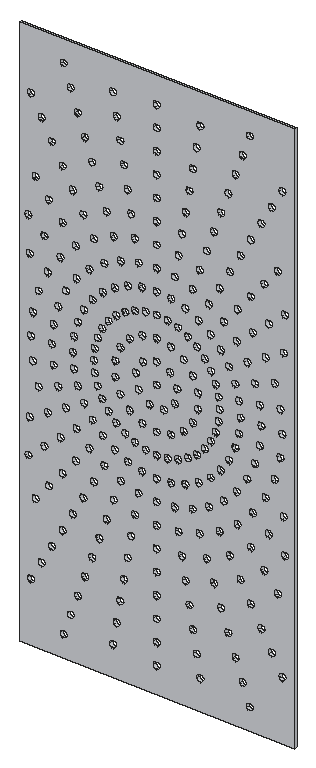
Revit family "J2 PET Felt Room Divider Radial", category Specialty Equipment, Revit 2022
Family settings
  Round Connector Dimension = Use Diameter
  Part Type = Normal
  Work Plane-Based = No
  Always vertical = Yes
  Cut with Voids When Loaded = No
  Maintain Annotation Orientation = No
  Shared = No
  Room Calculation Point = No
Parameters
  URL = "https://www.j2systems.net/"
  Style Number = "RDRADL"  # constant formula
  Symbol Name = "RDRADL"  # constant formula
  Release Date = "2019"  # constant formula
  Product Line = "Room Divider"  # constant formula
  Model = "Radial"  # constant formula
  Manufacturer = "J2 Systems"  # constant formula
  Keynote = ""
  Felt Color = none
  Default Elevation = 0' - 0"
Reference planes (in)
  plane 1 "Center (Front/Back)": y = 0
  plane 2: z = 0
  plane 3 "Center (Left/Right)": x = 0
Forms (in)
  Extrusion 1, solid, material <- "Felt Color"
    sketch origin (0, 0, 0) x (1, 0, 0) y (0, 0, 1)
      loop
        line (-23.5, 0) -> (23.5, 0) -> (23.5, 95) -> (-23.5, 95) -> (-23.5, 0)
      loop
        circle (0, 47.50275) r 0.61574
      loop
        circle (0, 51.09136) r 0.61574
      loop
        circle (0, 54.6786) r 0.61574
      loop
        circle (0, 58.26584) r 0.61574
      loop
        circle (0, 61.85308) r 0.61574
      loop
        circle (0, 65.44032) r 0.61574
      loop
        circle (0, 69.02756) r 0.61574
      loop
        circle (0, 72.6148) r 0.61574
      loop
        circle (0, 76.20204) r 0.61574
      loop
        circle (0, 79.78928) r 0.61574
      loop
        circle (0, 83.37652) r 0.61574
      loop
        circle (0, 86.96376) r 0.61574
      loop
        circle (0, 90.551) r 0.61574
      loop
        circle (1.86899, 58.10233) r 0.61574
      loop
        circle (2.49191, 61.63507) r 0.61574
      loop
        circle (3.11483, 65.16781) r 0.61574
      loop
        circle (3.73774, 68.70055) r 0.61574
      loop
        circle (4.36066, 72.23329) r 0.61574
      loop
        circle (4.98358, 75.76603) r 0.61574
      loop
        circle (5.6065, 79.29878) r 0.61574
      loop
        circle (6.22942, 82.83152) r 0.61574
      loop
        circle (6.85233, 86.36426) r 0.61574
      loop
        circle (7.47525, 89.897) r 0.61574
      loop
        circle (3.6812, 57.61675) r 0.61574
      loop
        circle (4.9081, 60.98765) r 0.61574
      loop
        circle (6.13501, 64.35855) r 0.61574
      loop
        circle (7.36192, 67.72946) r 0.61574
      loop
        circle (8.58883, 71.10036) r 0.61574
      loop
        circle (9.81574, 74.47126) r 0.61574
      loop
        circle (11.04264, 77.84216) r 0.61574
      loop
        circle (12.26955, 81.21307) r 0.61574
      loop
        circle (13.49646, 84.58397) r 0.61574
      loop
        circle (14.72337, 87.95487) r 0.61574
      loop
        circle (15.95028, 91.32577) r 0.61574
      loop
        circle (-1.86899, 58.10233) r 0.61574
      loop
        circle (-2.49191, 61.63507) r 0.61574
      loop
        circle (-3.11483, 65.16781) r 0.61574
      loop
        circle (-3.73774, 68.70055) r 0.61574
      loop
        circle (-4.36066, 72.23329) r 0.61574
      loop
        circle (-4.98358, 75.76603) r 0.61574
      loop
        circle (-5.6065, 79.29878) r 0.61574
      loop
        circle (-6.22942, 82.83152) r 0.61574
      loop
        circle (-6.85233, 86.36426) r 0.61574
      loop
        circle (-7.47525, 89.897) r 0.61574
      loop
        circle (-3.6812, 57.61675) r 0.61574
      loop
        circle (-4.9081, 60.98765) r 0.61574
      loop
        circle (-6.13501, 64.35855) r 0.61574
      loop
        circle (-7.36192, 67.72946) r 0.61574
      loop
        circle (-8.58883, 71.10036) r 0.61574
      loop
        circle (-9.81574, 74.47126) r 0.61574
      loop
        circle (-11.04264, 77.84216) r 0.61574
      loop
        circle (-12.26955, 81.21307) r 0.61574
      loop
        circle (-13.49646, 84.58397) r 0.61574
      loop
        circle (-14.72337, 87.95487) r 0.61574
      loop
        circle (-15.95028, 91.32577) r 0.61574
      loop
        circle (0, 40.32689) r 0.61574
      loop
        circle (0, 36.73965) r 0.61574
      loop
        circle (0, 33.15241) r 0.61574
      loop
        circle (0, 29.56517) r 0.61574
      loop
        circle (0, 25.97793) r 0.61574
      loop
        circle (0, 22.3907) r 0.61574
      loop
        circle (0, 18.80346) r 0.61574
      loop
        circle (0, 15.21622) r 0.61574
      loop
        circle (0, 11.62898) r 0.61574
      loop
        circle (0, 8.04174) r 0.61574
      loop
        circle (0, 4.4545) r 0.61574
      loop
        circle (1.86899, 36.90317) r 0.61574
      loop
        circle (2.49191, 33.37043) r 0.61574
      loop
        circle (3.11483, 29.83769) r 0.61574
      loop
        circle (3.73774, 26.30495) r 0.61574
      loop
        circle (4.36066, 22.7722) r 0.61574
      loop
        circle (4.98358, 19.23946) r 0.61574
      loop
        circle (5.6065, 15.70672) r 0.61574
      loop
        circle (6.22942, 12.17398) r 0.61574
      loop
        circle (6.85233, 8.64124) r 0.61574
      loop
        circle (7.47525, 5.1085) r 0.61574
      loop
        circle (3.6812, 37.38875) r 0.61574
      loop
        circle (4.9081, 34.01785) r 0.61574
      loop
        circle (6.13501, 30.64694) r 0.61574
      loop
        circle (7.36192, 27.27604) r 0.61574
      loop
        circle (8.58883, 23.90514) r 0.61574
      loop
        circle (9.81574, 20.53423) r 0.61574
      loop
        circle (11.04264, 17.16333) r 0.61574
      loop
        circle (12.26955, 13.79243) r 0.61574
      loop
        circle (13.49646, 10.42153) r 0.61574
      loop
        circle (14.72337, 7.05062) r 0.61574
      loop
        circle (15.95028, 3.67972) r 0.61574
      loop
        circle (-1.86899, 36.90317) r 0.61574
      loop
        circle (-2.49191, 33.37043) r 0.61574
      loop
        circle (-3.11483, 29.83769) r 0.61574
      loop
        circle (-3.73774, 26.30495) r 0.61574
      loop
        circle (-4.36066, 22.7722) r 0.61574
      loop
        circle (-4.98358, 19.23946) r 0.61574
      loop
        circle (-5.6065, 15.70672) r 0.61574
      loop
        circle (-6.22942, 12.17398) r 0.61574
      loop
        circle (-6.85233, 8.64124) r 0.61574
      loop
        circle (-7.47525, 5.1085) r 0.61574
      loop
        circle (-3.6812, 37.38875) r 0.61574
      loop
        circle (-4.9081, 34.01785) r 0.61574
      loop
        circle (-6.13501, 30.64694) r 0.61574
      loop
        circle (-7.36192, 27.27604) r 0.61574
      loop
        circle (-8.58883, 23.90514) r 0.61574
      loop
        circle (-9.81574, 20.53423) r 0.61574
      loop
        circle (-11.04264, 17.16333) r 0.61574
      loop
        circle (-12.26955, 13.79243) r 0.61574
      loop
        circle (-13.49646, 10.42153) r 0.61574
      loop
        circle (-14.72337, 7.05062) r 0.61574
      loop
        circle (-15.95028, 3.67972) r 0.61574
      loop
        circle (10.76309, 47.50275) r 0.61574
      loop
        circle (14.35033, 47.50275) r 0.61574
      loop
        circle (17.93757, 47.50275) r 0.61574
      loop
        circle (21.52481, 47.50275) r 0.61574
      loop
        circle (10.59958, 45.63376) r 0.61574
      loop
        circle (14.13232, 45.01084) r 0.61574
      loop
        circle (17.66506, 44.38792) r 0.61574
      loop
        circle (21.1978, 43.765) r 0.61574
      loop
        circle (10.114, 43.82155) r 0.61574
      loop
        circle (13.4849, 42.59464) r 0.61574
      loop
        circle (16.85581, 41.36774) r 0.61574
      loop
        circle (20.22671, 40.14083) r 0.61574
      loop
        circle (10.59958, 49.37174) r 0.61574
      loop
        circle (14.13232, 49.99466) r 0.61574
      loop
        circle (17.66506, 50.61758) r 0.61574
      loop
        circle (21.1978, 51.24049) r 0.61574
      loop
        circle (10.114, 51.18394) r 0.61574
      loop
        circle (13.4849, 52.41085) r 0.61574
      loop
        circle (16.85581, 53.63776) r 0.61574
      loop
        circle (20.22671, 54.86467) r 0.61574
      loop
        circle (-10.76309, 47.50275) r 0.61574
      loop
        circle (-14.35033, 47.50275) r 0.61574
      loop
        circle (-17.93757, 47.50275) r 0.61574
      loop
        circle (-21.52481, 47.50275) r 0.61574
      loop
        circle (-10.59958, 45.63376) r 0.61574
      loop
        circle (-14.13232, 45.01084) r 0.61574
      loop
        circle (-17.66506, 44.38792) r 0.61574
      loop
        circle (-21.1978, 43.765) r 0.61574
      loop
        circle (-10.114, 43.82155) r 0.61574
      loop
        circle (-13.4849, 42.59464) r 0.61574
      loop
        circle (-16.85581, 41.36774) r 0.61574
      loop
        circle (-20.22671, 40.14083) r 0.61574
      loop
        circle (-10.59958, 49.37174) r 0.61574
      loop
        circle (-14.13232, 49.99466) r 0.61574
      loop
        circle (-17.66506, 50.61758) r 0.61574
      loop
        circle (-21.1978, 51.24049) r 0.61574
      loop
        circle (-10.114, 51.18394) r 0.61574
      loop
        circle (-13.4849, 52.41085) r 0.61574
      loop
        circle (-16.85581, 53.63776) r 0.61574
      loop
        circle (-20.22671, 54.86467) r 0.61574
      loop
        circle (5.38155, 56.82386) r 0.61574
      loop
        circle (7.17517, 59.9305) r 0.61574
      loop
        circle (8.96879, 63.03714) r 0.61574
      loop
        circle (10.76241, 66.14378) r 0.61574
      loop
        circle (12.55603, 69.25042) r 0.61574
      loop
        circle (14.34965, 72.35706) r 0.61574
      loop
        circle (16.14327, 75.46371) r 0.61574
      loop
        circle (17.93689, 78.57035) r 0.61574
      loop
        circle (19.73051, 81.67699) r 0.61574
      loop
        circle (21.52413, 84.78363) r 0.61574
      loop
        circle (-5.38155, 38.18163) r 0.61574
      loop
        circle (-7.17517, 35.07499) r 0.61574
      loop
        circle (-8.96879, 31.96835) r 0.61574
      loop
        circle (-10.76241, 28.86171) r 0.61574
      loop
        circle (-12.55603, 25.75507) r 0.61574
      loop
        circle (-14.34965, 22.64843) r 0.61574
      loop
        circle (-16.14327, 19.54179) r 0.61574
      loop
        circle (-17.93689, 16.43515) r 0.61574
      loop
        circle (-19.73051, 13.32851) r 0.61574
      loop
        circle (-21.52413, 10.22187) r 0.61574
      loop
        circle (6.91838, 55.74776) r 0.61574
      loop
        circle (9.22422, 58.49574) r 0.61574
      loop
        circle (11.53005, 61.24373) r 0.61574
      loop
        circle (13.83588, 63.99171) r 0.61574
      loop
        circle (16.14172, 66.7397) r 0.61574
      loop
        circle (18.44755, 69.48768) r 0.61574
      loop
        circle (20.75338, 72.23567) r 0.61574
      loop
        circle (-6.91838, 39.25774) r 0.61574
      loop
        circle (-9.22422, 36.50975) r 0.61574
      loop
        circle (-11.53005, 33.76177) r 0.61574
      loop
        circle (-13.83588, 31.01378) r 0.61574
      loop
        circle (-16.14172, 28.2658) r 0.61574
      loop
        circle (-18.44755, 25.51781) r 0.61574
      loop
        circle (-20.75338, 22.76983) r 0.61574
      loop
        circle (8.24501, 54.42113) r 0.61574
      loop
        circle (10.99299, 56.72697) r 0.61574
      loop
        circle (13.74098, 59.0328) r 0.61574
      loop
        circle (16.48896, 61.33863) r 0.61574
      loop
        circle (19.23695, 63.64446) r 0.61574
      loop
        circle (21.98493, 65.9503) r 0.61574
      loop
        circle (-8.24501, 40.58436) r 0.61574
      loop
        circle (-10.99299, 38.27853) r 0.61574
      loop
        circle (-13.74098, 35.9727) r 0.61574
      loop
        circle (-16.48896, 33.66686) r 0.61574
      loop
        circle (-19.23695, 31.36103) r 0.61574
      loop
        circle (-21.98493, 29.0552) r 0.61574
      loop
        circle (9.32111, 52.8843) r 0.61574
      loop
        circle (12.42775, 54.67792) r 0.61574
      loop
        circle (15.53439, 56.47154) r 0.61574
      loop
        circle (18.64104, 58.26515) r 0.61574
      loop
        circle (21.74768, 60.05877) r 0.61574
      loop
        circle (-9.32111, 42.1212) r 0.61574
      loop
        circle (-12.42775, 40.32758) r 0.61574
      loop
        circle (-15.53439, 38.53396) r 0.61574
      loop
        circle (-18.64104, 36.74034) r 0.61574
      loop
        circle (-21.74768, 34.94672) r 0.61574
      loop
        circle (-5.38155, 56.82386) r 0.61574
      loop
        circle (-7.17517, 59.9305) r 0.61574
      loop
        circle (-8.96879, 63.03714) r 0.61574
      loop
        circle (-10.76241, 66.14378) r 0.61574
      loop
        circle (-12.55603, 69.25042) r 0.61574
      loop
        circle (-14.34965, 72.35706) r 0.61574
      loop
        circle (-16.14327, 75.46371) r 0.61574
      loop
        circle (-17.93689, 78.57035) r 0.61574
      loop
        circle (-19.73051, 81.67699) r 0.61574
      loop
        circle (-21.52413, 84.78363) r 0.61574
      loop
        circle (5.38155, 38.18163) r 0.61574
      loop
        circle (7.17517, 35.07499) r 0.61574
      loop
        circle (8.96879, 31.96835) r 0.61574
      loop
        circle (10.76241, 28.86171) r 0.61574
      loop
        circle (12.55603, 25.75507) r 0.61574
      loop
        circle (14.34965, 22.64843) r 0.61574
      loop
        circle (16.14327, 19.54179) r 0.61574
      loop
        circle (17.93689, 16.43515) r 0.61574
      loop
        circle (19.73051, 13.32851) r 0.61574
      loop
        circle (21.52413, 10.22187) r 0.61574
      loop
        circle (-6.91838, 55.74776) r 0.61574
      loop
        circle (-9.22422, 58.49574) r 0.61574
      loop
        circle (-11.53005, 61.24373) r 0.61574
      loop
        circle (-13.83588, 63.99171) r 0.61574
      loop
        circle (-16.14172, 66.7397) r 0.61574
      loop
        circle (-18.44755, 69.48768) r 0.61574
      loop
        circle (-20.75338, 72.23567) r 0.61574
      loop
        circle (6.91838, 39.25774) r 0.61574
      loop
        circle (9.22422, 36.50975) r 0.61574
      loop
        circle (11.53005, 33.76177) r 0.61574
      loop
        circle (13.83588, 31.01378) r 0.61574
      loop
        circle (16.14172, 28.2658) r 0.61574
      loop
        circle (18.44755, 25.51781) r 0.61574
      loop
        circle (20.75338, 22.76983) r 0.61574
      loop
        circle (-8.24501, 54.42113) r 0.61574
      loop
        circle (-10.99299, 56.72697) r 0.61574
      loop
        circle (-13.74098, 59.0328) r 0.61574
      loop
        circle (-16.48896, 61.33863) r 0.61574
      loop
        circle (-19.23695, 63.64446) r 0.61574
      loop
        circle (-21.98493, 65.9503) r 0.61574
      loop
        circle (8.24501, 40.58436) r 0.61574
      loop
        circle (10.99299, 38.27853) r 0.61574
      loop
        circle (13.74098, 35.9727) r 0.61574
      loop
        circle (16.48896, 33.66686) r 0.61574
      loop
        circle (19.23695, 31.36103) r 0.61574
      loop
        circle (21.98493, 29.0552) r 0.61574
      loop
        circle (-9.32111, 52.8843) r 0.61574
      loop
        circle (-12.42775, 54.67792) r 0.61574
      loop
        circle (-15.53439, 56.47154) r 0.61574
      loop
        circle (-18.64104, 58.26515) r 0.61574
      loop
        circle (-21.74768, 60.05877) r 0.61574
      loop
        circle (9.32111, 42.1212) r 0.61574
      loop
        circle (12.42775, 40.32758) r 0.61574
      loop
        circle (15.53439, 38.53396) r 0.61574
      loop
        circle (18.64104, 36.74034) r 0.61574
      loop
        circle (21.74768, 34.94672) r 0.61574
      loop
        circle (2.30672, 50.25179) r 0.61574
      loop
        circle (3.5341, 48.1259) r 0.61574
      loop
        circle (3.10783, 45.70844) r 0.61574
      loop
        circle (1.22738, 44.13055) r 0.61574
      loop
        circle (-1.22738, 44.13055) r 0.61574
      loop
        circle (-3.10783, 45.70844) r 0.61574
      loop
        circle (-3.5341, 48.1259) r 0.61574
      loop
        circle (-2.30672, 50.25179) r 0.61574
      loop
        circle (2.45429, 54.24585) r 0.61574
      loop
        circle (-2.45429, 40.75965) r 0.61574
      loop
        circle (4.61255, 52.99977) r 0.61574
      loop
        circle (-4.61255, 42.00572) r 0.61574
      loop
        circle (6.21447, 51.09068) r 0.61574
      loop
        circle (-6.21447, 43.91482) r 0.61574
      loop
        circle (7.06684, 48.74882) r 0.61574
      loop
        circle (-7.06684, 46.25667) r 0.61574
      loop
        circle (7.06684, 46.25667) r 0.61574
      loop
        circle (-7.06684, 48.74882) r 0.61574
      loop
        circle (6.21447, 43.91482) r 0.61574
      loop
        circle (-6.21447, 51.09068) r 0.61574
      loop
        circle (4.61255, 42.00572) r 0.61574
      loop
        circle (-4.61255, 52.99977) r 0.61574
      loop
        circle (2.45429, 40.75965) r 0.61574
      loop
        circle (-2.45429, 54.24585) r 0.61574
    from 0.25 to -0.25
Dimensions and locks (in)
  aligned and locked: level to plane 2
